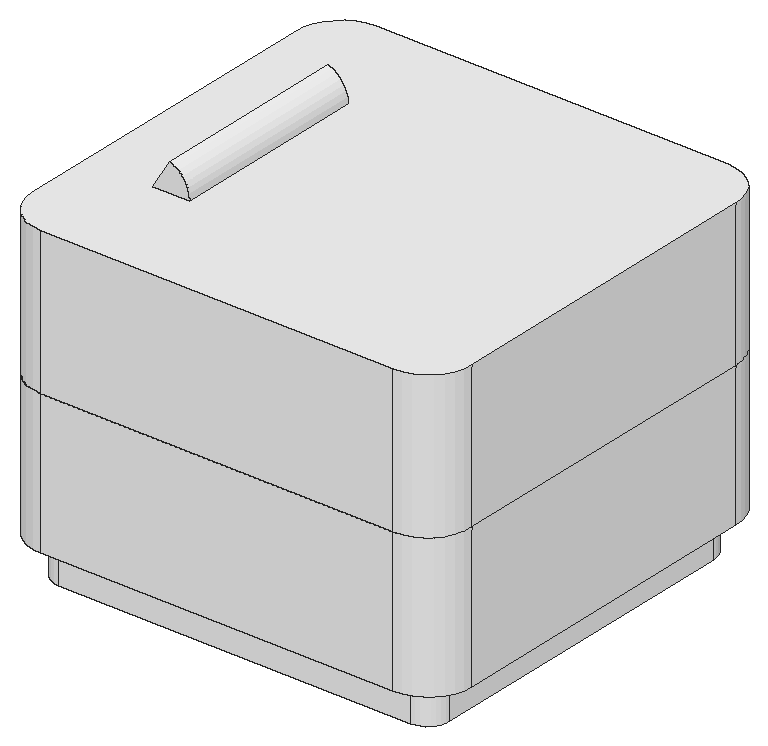
Revit family "Gira_078130", category Electrical Fixtures, host Face, Revit 2017
Family settings
  Host = Face
  Maintain Annotation Orientation = Yes
  Round Connector Dimension = Use Diameter
  Part Type = Normal
  Cut with Voids When Loaded = No
  Shared = No
  Room Calculation Point = No
Parameters (values of type "SCHUKO 2f waager. KD WG AP Grau")
  Überspannungsschutz = "No"
  Werkstoffgüte = "sonstige"
  Werkstoff = "sonstige"
  Verdrehter Zentraleinsatz = "No"
  URL = "http://katalog.gira.de/de_DE/datenblatt.html?artikelnr=078130"
  Transparent = "No"
  Textfeld/Beschriftungsfläche = "No"
  Sonderstromversorgung = "ohne Sonderstromversorgung"
  Schutzleiterkontakt rund = "No"
  Schutzkontakt = "Yes"
  Region = "DE"
  Oberfläche = "sonstige"
  Nennstrom = "16 Ampere"
  Nennspannung = "250 Volt"
  Name = "SCHUKO 2f waager. KD WG AP Grau"
  Montageart = "auf Putz"
  Mit erhöhtem Berührungsschutz = "No"
  Mit eingebauter USB-Spannungsversorgung = "No"
  Mit Signallampe = "No"
  Mit Orientierungsbeleuchtung = "No"
  Mit Klappdeckel = "Yes"
  Mit Funktionsbeleuchtung = "No"
  Mit Feinsicherung = "No"
  Mit Ein-/Ausschalter = "No"
  Mit Durchschleiffunktion = "No"
  Manufacturer URL = "https://www.gira.de/"
  Keynote = "IP44_Komplettgerät_Steckdose"
  Isolierter Einbau = "No"
  HeinzeBIM = "https://bimportal.heinze.de/bim/schuko-2f-waager-kd-wg-ap-grau/a30766a0ade5663a367df4d1dad30ada9a687d40"
  Halogenfrei = "No"
  HAN = "078130"
  Geeignet für Schutzart (IP) = "IP44"
  GTIN = "4010337781301"
  Für "erschwerte Bedingungen" (nach VDE) = "No"
  Fehlerstromschutz = "No"
  Farbe = "grau"
  Default Elevation = 1219.2 mm
  Data sheet (1) = "https://katalog.gira.de/de_DE/download.html?artikelnr=078130"
  Category = "Steckdose"
  Befestigungsart = "Krallen-/Schraubbefestigung"
  Available = "Yes"
  Auswurfmechanismus = "No"
  Ausführung = "Schuko"
  Aufdruck/Kennzeichnung = "ohne Aufdruck"
  Anzahl der Steckdosen schaltbar = "0 "
  Anzahl der Module (bei Modulbauweise) = "1 "
  Anzahl der Einheiten = "2 "
  Antibakterielle Behandlung = "No"
  Anschlussart = "Steckklemme"
  Abschließbar = "No"
Reference planes
  plane 1 "Center (Front/Back)": y = 0
  plane 2: z = 0
  plane 3 "Center (Left/Right)": x = 0
Forms (mm)
  Extrusion 1, solid, material "White", detail levels fine
    sketch origin (41, 0, 0) x (1, 0, 0) y (0, 1, 0)
      loop
        line (-9, 38) -> (-73, 38)
        arc (-73, 38) -> (-78.657, 35.657) -> (-81, 30) r 8
        line (-81, 30) -> (-81, -30)
        arc (-81, -30) -> (-78.657, -35.657) -> (-73, -38) r 8
        line (-73, -38) -> (-9, -38)
        arc (-9, -38) -> (-3.343, -35.657) -> (-1, -30) r 8
        line (-1, -30) -> (-1, 30)
        arc (-1, 30) -> (-3.343, 35.657) -> (-9, 38) r 8
    from 0 to 26
  Extrusion 2, solid, material "White", detail levels fine
    sketch origin (41, 0, 0) x (1, 0, 0) y (0, 1, 0)
      loop
        line (-9, 38) -> (-73, 38)
        arc (-73, 38) -> (-78.657, 35.657) -> (-81, 30) r 8
        line (-81, 30) -> (-81, -30)
        arc (-81, -30) -> (-78.657, -35.657) -> (-73, -38) r 8
        line (-73, -38) -> (-9, -38)
        arc (-9, -38) -> (-3.343, -35.657) -> (-1, -30) r 8
        line (-1, -30) -> (-1, 30)
        arc (-1, 30) -> (-3.343, 35.657) -> (-9, 38) r 8
    from 26 to 52.5
  Extrusion 3, solid, material "White", detail levels fine
    sketch origin (41, 0, 0) x (1, 0, 0) y (0, 0, 1)
      loop
        line (-68.7, 52.5) -> (-62.067, 52.5)
        arc (-62.067, 52.5) -> (-63.019, 55.628) -> (-65.7, 57.5) r 5
        line (-65.7, 57.5) -> (-68.7, 52.5)
    from 18 to -18
  Extrusion 4, solid, material "White", detail levels medium
    sketch origin (41, -5.734, 0) x (1, 0, 0) y (0, 1, 0)
      loop
        line (-9, 43.734) -> (-73, 43.734)
        arc (-73, 43.734) -> (-78.657, 41.391) -> (-81, 35.734) r 8
        line (-81, 35.734) -> (-81, -24.266)
        arc (-81, -24.266) -> (-78.657, -29.923) -> (-73, -32.266) r 8
        line (-73, -32.266) -> (-9, -32.266)
        arc (-9, -32.266) -> (-3.343, -29.923) -> (-1, -24.266) r 8
        line (-1, -24.266) -> (-1, 35.734)
        arc (-1, 35.734) -> (-3.343, 41.391) -> (-9, 43.734) r 8
    from 0 to 52.5
  Extrusion 5, solid, material "White", detail levels medium
    sketch origin (41, 0, 0) x (1, 0, 0) y (0, 0, 1)
      loop
        line (-68.7, 57.5) -> (-68.7, 52.5) -> (-62.067, 52.5) -> (-62.067, 57.5) -> (-68.7, 57.5)
    from -18 to 18
  Extrusion 6, solid, material "White", detail levels coarse
    sketch origin (41, 0, 0) x (1, 0, 0) y (0, 1, 0)
      loop
        line (-1, 38) -> (-81, 38) -> (-81, -38) -> (-1, -38) -> (-1, 38)
    from -7 to 57.5
  Extrusion 7, solid, material "White", detail levels medium+fine
    sketch origin (41, 0, 0) x (1, 0, 0) y (0, 1, 0)
      loop
        line (-9, 34) -> (-73, 34)
        arc (-73, 34) -> (-75.828, 32.828) -> (-77, 30) r 4
        line (-77, 30) -> (-77, -30)
        arc (-77, -30) -> (-75.828, -32.828) -> (-73, -34) r 4
        line (-73, -34) -> (-9, -34)
        arc (-9, -34) -> (-6.172, -32.828) -> (-5, -30) r 4
        line (-5, -30) -> (-5, 30)
        arc (-5, 30) -> (-6.172, 32.828) -> (-9, 34) r 4
    from 0 to -7
Dimensions and locks
  Extrusion 6 to plane 3 "Center (Left/Right)" to Extrusion 6 = 40 mm, 40 mm
  aligned and locked: plane 2 to host face
  aligned and locked: level to host face
  aligned and locked: plane 3 "Center (Left/Right)" to nested 1
  aligned and locked: plane 1 "Center (Front/Back)" to nested 1
Nested families
  nested 1: "Steckdose 1-fach Beschriftung" at (0, 0, 0), type "Steckdose 1-fach Beschriftung"
Connectors
  electrical at (0, 0, -7)
    settings: on Extrusion 7, index 1, voltage 220 V, apparent load 0 VA, apparent load phase1 0 VA, apparent load phase2 0 VA, apparent load phase3 0 VA, power factor 1, load classification "Other", number of poles 1, system type 31, power factor state 1, is connector primary yes, connector utility no, sub classification motor no, connector description ""
Definition of nested family "Steckdose 1-fach Beschriftung"
  Reference planes
    plane 1: y = 0
    plane 2: x = 0
  Lines and regions (mm)
    detail lines
      curve 1: line (0, 0, 0) -> (0, 2, 0)
      curve 3: line (0, 2, 0) -> (-1, 2, 0)
      curve 4: arc (1, 3, 0) -> (0, 2, 0) -> (-1, 3, 0) r 1
      curve 5: line (0, 2, 0) -> (1, 2, 0)
    reference lines
      curve 2: line (-0.485, 3, 0) -> (2.315, 3, 0)
  Dimensions and locks
    curve 1 to curve 1 = 2 mm
    plane 1 to curve 2 = 3 mm
    curve 3 to curve 3 = 1 mm
